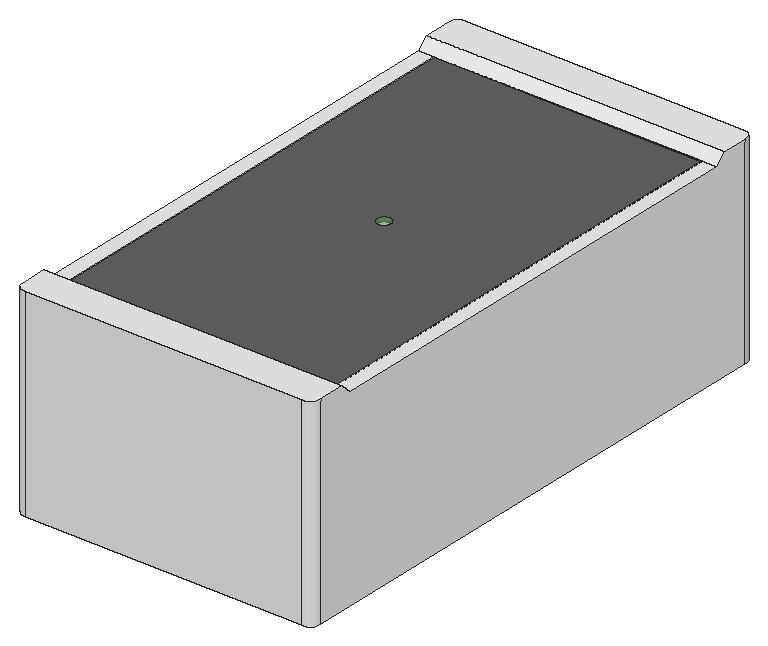
Revit family "Long Range Receiver_WRR-44_Farpointe_R16", category Security Devices, host Face, Revit 2016
Family settings
  Host = Face
  Maintain Annotation Orientation = No
  Part Type = Normal
  Round Connector Dimension = Use Diameter
  Cut with Voids When Loaded = No
  Shared = No
  Room Calculation Point = No
Parameters
  Width = 3.4"
  White Plastic [instance] = White Plastic
  URL - Quick Start Guides [instance] = "http://farpointedata.com/downloads/qsg_and_ref/WRR44_RangerReceiver_QSG.pdf"
  URL - Mounting Guides Letter Size [instance] = "N/A"
  URL - Mounting Guides A4 Size [instance] = "N/A"
  URL - Data Sheets [instance] = "http://farpointedata.com/downloads/datasheets/WRR44_TDS.pdf"
  URL - Bid Specifications [instance] = "http://farpointedata.com/downloads/bid_specs/Farpointe_Ranger_Specification.docx"
  URL = "http://www.farpointedata.com/"
  Modeled By [instance] = "www.commensestudio.com"
  Model = "WRR-44 Ranger Long-Range Receiver"  # constant formula
  Manufacturer = "Farpointe Data"  # constant formula
  LED [instance] = LED
  Height = 6.3"
  Description = "Four Channel"  # constant formula
  Depth = 2.3"
  Default Elevation = 48"
  Black Plastic [instance] = Black Plastic
Reference planes (in)
  plane 1 "Center (Front/Back)": y = 0
  plane 2: z = 0
  plane 3 "Center (Left/Right)": x = 0
  plane 4: x = -1.7
  plane 5: x = 1.7
  plane 6: y = 3.15
  plane 7: y = -3.15
  plane 8: z = 2.3
Forms (in)
  Extrusion 1, void
    sketch origin (0, 0, 0) x (1, 0, 0) y (0, 1, 0)
      loop
        circle (0, 0) r 0.07968
    from 1.75 to 2.3
  Extrusion 2, solid, material "LED" <- "LED"
    sketch origin (0, 0, 0) x (1, 0, 0) y (0, 1, 0)
      loop
        circle (0, 0) r 0.07968
    from 2.15 to 2.19281
  Extrusion 3, solid, material "White Plastic" <- "White Plastic"
    sketch origin (0, -1.5, 0.4) x (1, 0, 0) y (0, 1, 0)
      loop
        arc (-1.575, 4.65) -> (-1.66339, 4.61339) -> (-1.7, 4.525) r 0.125
        line (-1.7, 4.525) -> (-1.7, -1.525)
        arc (-1.7, -1.525) -> (-1.66339, -1.61339) -> (-1.575, -1.65) r 0.125
        line (-1.575, -1.65) -> (1.575, -1.65)
        arc (1.575, -1.65) -> (1.66339, -1.61339) -> (1.7, -1.525) r 0.125
        line (1.7, -1.525) -> (1.7, 4.525)
        arc (1.7, 4.525) -> (1.66339, 4.61339) -> (1.575, 4.65) r 0.125
        line (1.575, 4.65) -> (-1.575, 4.65)
    from -0.4 to 1.9
  Extrusion 4, void
    sketch origin (0, -1.5, 0.4) x (0, 1, 0) y (0, 0, 1)
      loop
        line (-1.22641, 1.9) -> (-1.11922, 1.79281) -> (4.11922, 1.79281) -> (4.22641, 1.9) -> (-1.22641, 1.9)
    from -1.7 to 1.7
  Extrusion 5, void
    sketch origin (0, -1.5, 0.4) x (1, 0, 0) y (0, 1, 0)
      loop
        line (-1.525, 4.11922) -> (-1.525, -1.11922) -> (1.525, -1.11922) -> (1.525, 4.11922) -> (-1.525, 4.11922)
      loop
        circle (0, 1.5) r 0.07968
    from 1.75 to 1.79281
  Extrusion 6, solid, material "Black Plastic" <- "Black Plastic"
    sketch origin (0, -1.5, 0.4) x (1, 0, 0) y (0, 1, 0)
      loop
        line (-1.525, -1.11922) -> (1.525, -1.11922) -> (1.525, 4.11922) -> (-1.525, 4.11922) -> (-1.525, -1.11922)
    from 1.75 to 1.79
Cuts and joins
  Extrusion 1, Extrusion 4, Extrusion 5 cuts Extrusion 3
  Extrusion 1, Extrusion 4 cuts Extrusion 6
Dimensions and locks (in)
  equal spacing: plane 7, plane 1 "Center (Front/Back)", plane 6
  equal spacing: plane 4, plane 3 "Center (Left/Right)", plane 5
  "Height": plane 7 to plane 6
  "Width": plane 4 to plane 5
  "Depth": plane 8 to level
  aligned and locked: plane 2 to host face
  aligned and locked: level to host face
Automatic sketch dimensions
  host sketch curve to host sketch curve = 96"  (x2)
  plane 1 "Center (Front/Back)" to Extrusion 1 sketch curve = 0"
  Extrusion 1 sketch curve to plane 3 "Center (Left/Right)" = 0"
  plane 1 "Center (Front/Back)" to Extrusion 2 sketch curve = 0"
  Extrusion 2 sketch curve to plane 3 "Center (Left/Right)" = 0"
  Extrusion 3 sketch curve to plane 4 = 0"
  plane 7 to Extrusion 3 sketch curve = 0"
  plane 6 to Extrusion 3 sketch curve = 0"
  Extrusion 3 sketch curve to plane 5 = 0"
  plane 4 to Extrusion 3 sketch curve = 0.125"  (x2)
  Extrusion 3 sketch curve to plane 5 = 0.125"  (x2)
  Extrusion 4 sketch curve to plane 7 = 0.42359"
  Extrusion 4 sketch curve to Extrusion 4 sketch curve = 0.10719"  (x2)
  Extrusion 4 sketch curve to plane 8 = 0.10719"
  plane 6 to Extrusion 4 sketch curve = 0.53078"
  Extrusion 4 sketch curve to plane 8 = 0"
  Extrusion 6 sketch curve to plane 7 = 0.53078"
  plane 4 to Extrusion 6 sketch curve = 0.175"
  Extrusion 6 sketch curve to plane 5 = 0.175"
  plane 6 to Extrusion 6 sketch curve = 0.53078"
  plane 1 "Center (Front/Back)" to Extrusion 5 sketch curve = 0"
  Extrusion 5 sketch curve to plane 3 "Center (Left/Right)" = 0"
  plane 4 to Extrusion 5 sketch curve = 0.175"
  Extrusion 5 sketch curve to plane 5 = 0.175"
  Extrusion 5 sketch curve to plane 7 = 0.53078"
  plane 6 to Extrusion 5 sketch curve = 0.53078"
  radius of Extrusion 1 sketch curve = 0.07968"
  radius of Extrusion 2 sketch curve = 0.07968"
  radius of Extrusion 5 sketch curve = 0.07968"
Connectors (in)
  electrical at (0, 0, 0)
    settings: index 2, voltage 0 V, apparent load 0 VA, apparent load phase1 0 VA, apparent load phase2 0 VA, apparent load phase3 0 VA, power factor 1, load classification "Other", number of poles 1, system type 10, power factor state 1, is connector primary yes, connector utility no, sub classification motor no, connector description ""
